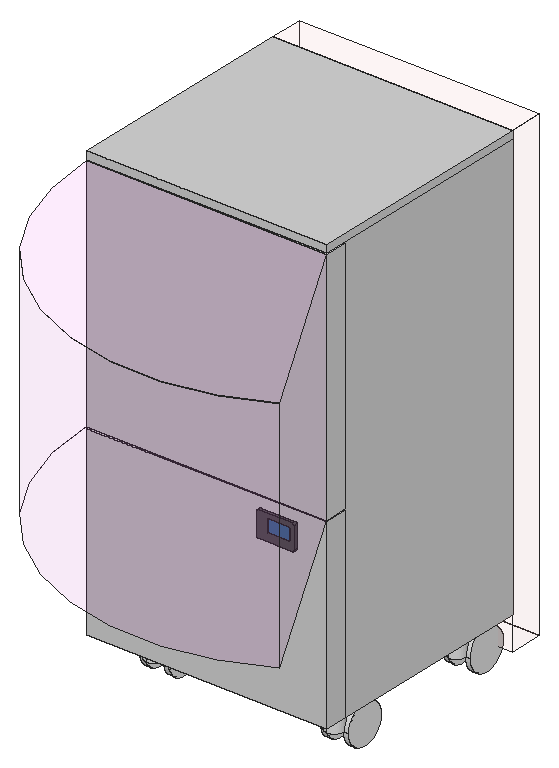
Revit family "Normann_ENTRY_ETR10A-R290", category Attrezzature speciali, Revit 2021 (continued)
Definition of nested family "Griglia_Entry_Large"
  Lines and regions (mm)
    model lines, detail levels medium+fine
      curve 2205: line (270.258, -289.322, 0) -> (270.258, -259.322, 0)
      curve 2206: line (276.258, -289.322, 0) -> (270.258, -289.322, 0)
      curve 2207: line (276.258, -259.322, 0) -> (276.258, -289.322, 0)
      curve 2208: line (270.258, -259.322, 0) -> (276.258, -259.322, 0)
      curve 2209: line (270.258, -322.402, 0) -> (270.258, -292.402, 0)
      curve 2210: line (276.258, -322.402, 0) -> (270.258, -322.402, 0)
      curve 2211: line (276.258, -292.402, 0) -> (276.258, -322.402, 0)
      curve 2212: line (270.258, -292.402, 0) -> (276.258, -292.402, 0)
      curve 2213: line (270.258, -355.481, 0) -> (270.258, -325.481, 0)
      curve 2214: line (276.258, -355.481, 0) -> (270.258, -355.481, 0)
      curve 2215: line (276.258, -325.481, 0) -> (276.258, -355.481, 0)
      curve 2216: line (270.258, -325.481, 0) -> (276.258, -325.481, 0)
      curve 2217: line (270.258, -388.561, 0) -> (270.258, -358.561, 0)
      curve 2218: line (276.258, -388.561, 0) -> (270.258, -388.561, 0)
      curve 2219: line (276.258, -358.561, 0) -> (276.258, -388.561, 0)
      curve 2220: line (270.258, -358.561, 0) -> (276.258, -358.561, 0)
      curve 2221: line (270.258, -421.641, 0) -> (270.258, -391.641, 0)
      curve 2222: line (276.258, -421.641, 0) -> (270.258, -421.641, 0)
      curve 2223: line (276.258, -391.641, 0) -> (276.258, -421.641, 0)
      curve 2224: line (270.258, -391.641, 0) -> (276.258, -391.641, 0)
      curve 2225: line (270.258, -454.721, 0) -> (270.258, -424.721, 0)
      curve 2226: line (276.258, -454.721, 0) -> (270.258, -454.721, 0)
      curve 2227: line (276.258, -424.721, 0) -> (276.258, -454.721, 0)
      curve 2228: line (270.258, -424.721, 0) -> (276.258, -424.721, 0)
      curve 2229: line (270.258, -487.801, 0) -> (270.258, -457.801, 0)
      curve 2230: line (276.258, -487.801, 0) -> (270.258, -487.801, 0)
      curve 2231: line (276.258, -457.801, 0) -> (276.258, -487.801, 0)
      curve 2232: line (270.258, -457.801, 0) -> (276.258, -457.801, 0)
      curve 2233: line (278.858, -57.762, 0) -> (278.858, -27.762, 0)
      curve 2234: line (284.858, -57.762, 0) -> (278.858, -57.762, 0)
      curve 2235: line (284.858, -27.762, 0) -> (284.858, -57.762, 0)
      curve 2236: line (278.858, -27.762, 0) -> (284.858, -27.762, 0)
      curve 2237: line (278.858, -90.842, 0) -> (278.858, -60.842, 0)
      curve 2238: line (284.858, -90.842, 0) -> (278.858, -90.842, 0)
      curve 2239: line (284.858, -60.842, 0) -> (284.858, -90.842, 0)
      curve 2240: line (278.858, -60.842, 0) -> (284.858, -60.842, 0)
      curve 2241: line (278.858, -123.922, 0) -> (278.858, -93.922, 0)
      curve 2242: line (284.858, -123.922, 0) -> (278.858, -123.922, 0)
      curve 2243: line (284.858, -93.922, 0) -> (284.858, -123.922, 0)
      curve 2244: line (278.858, -93.922, 0) -> (284.858, -93.922, 0)
      curve 2245: line (278.858, -157.002, 0) -> (278.858, -127.002, 0)
      curve 2246: line (284.858, -157.002, 0) -> (278.858, -157.002, 0)
      curve 2247: line (284.858, -127.002, 0) -> (284.858, -157.002, 0)
      curve 2248: line (278.858, -127.002, 0) -> (284.858, -127.002, 0)
      curve 2249: line (278.858, -190.082, 0) -> (278.858, -160.082, 0)
      curve 2250: line (284.858, -190.082, 0) -> (278.858, -190.082, 0)
      curve 2251: line (284.858, -160.082, 0) -> (284.858, -190.082, 0)
      curve 2252: line (278.858, -160.082, 0) -> (284.858, -160.082, 0)
      curve 2253: line (278.858, -223.162, 0) -> (278.858, -193.162, 0)
      curve 2254: line (284.858, -223.162, 0) -> (278.858, -223.162, 0)
      curve 2255: line (284.858, -193.162, 0) -> (284.858, -223.162, 0)
      curve 2256: line (278.858, -193.162, 0) -> (284.858, -193.162, 0)
      curve 2257: line (278.858, -256.242, 0) -> (278.858, -226.242, 0)
      curve 2258: line (284.858, -256.242, 0) -> (278.858, -256.242, 0)
      curve 2259: line (284.858, -226.242, 0) -> (284.858, -256.242, 0)
      curve 2260: line (278.858, -226.242, 0) -> (284.858, -226.242, 0)
      curve 2261: line (278.858, -289.322, 0) -> (278.858, -259.322, 0)
      curve 2262: line (284.858, -289.322, 0) -> (278.858, -289.322, 0)
      curve 2263: line (284.858, -259.322, 0) -> (284.858, -289.322, 0)
      curve 2264: line (278.858, -259.322, 0) -> (284.858, -259.322, 0)
      curve 2265: line (278.858, -322.402, 0) -> (278.858, -292.402, 0)
      curve 2266: line (284.858, -322.402, 0) -> (278.858, -322.402, 0)
      curve 2267: line (284.858, -292.402, 0) -> (284.858, -322.402, 0)
      curve 2268: line (278.858, -292.402, 0) -> (284.858, -292.402, 0)
      curve 2269: line (278.858, -355.481, 0) -> (278.858, -325.481, 0)
      curve 2270: line (284.858, -355.481, 0) -> (278.858, -355.481, 0)
      curve 2271: line (284.858, -325.481, 0) -> (284.858, -355.481, 0)
      curve 2272: line (278.858, -325.481, 0) -> (284.858, -325.481, 0)
      curve 2273: line (278.858, -388.561, 0) -> (278.858, -358.561, 0)
      curve 2274: line (284.858, -388.561, 0) -> (278.858, -388.561, 0)
      curve 2275: line (284.858, -358.561, 0) -> (284.858, -388.561, 0)
      curve 2276: line (278.858, -358.561, 0) -> (284.858, -358.561, 0)
      curve 2277: line (278.858, -421.641, 0) -> (278.858, -391.641, 0)
      curve 2278: line (284.858, -421.641, 0) -> (278.858, -421.641, 0)
      curve 2279: line (284.858, -391.641, 0) -> (284.858, -421.641, 0)
      curve 2280: line (278.858, -391.641, 0) -> (284.858, -391.641, 0)
      curve 2281: line (278.858, -454.721, 0) -> (278.858, -424.721, 0)
      curve 2282: line (284.858, -454.721, 0) -> (278.858, -454.721, 0)
      curve 2283: line (284.858, -424.721, 0) -> (284.858, -454.721, 0)
      curve 2284: line (278.858, -424.721, 0) -> (284.858, -424.721, 0)
      curve 2285: line (278.858, -487.801, 0) -> (278.858, -457.801, 0)
      curve 2286: line (284.858, -487.801, 0) -> (278.858, -487.801, 0)
      curve 2287: line (284.858, -457.801, 0) -> (284.858, -487.801, 0)
      curve 2288: line (278.858, -457.801, 0) -> (284.858, -457.801, 0)
      curve 2289: line (287.458, -57.762, 0) -> (287.458, -27.762, 0)
      curve 2290: line (293.458, -57.762, 0) -> (287.458, -57.762, 0)
      curve 2291: line (293.458, -27.762, 0) -> (293.458, -57.762, 0)
      curve 2292: line (287.458, -27.762, 0) -> (293.458, -27.762, 0)
      curve 2293: line (287.458, -90.842, 0) -> (287.458, -60.842, 0)
      curve 2294: line (293.458, -90.842, 0) -> (287.458, -90.842, 0)
      curve 2295: line (293.458, -60.842, 0) -> (293.458, -90.842, 0)
      curve 2296: line (287.458, -60.842, 0) -> (293.458, -60.842, 0)
      curve 2297: line (287.458, -123.922, 0) -> (287.458, -93.922, 0)
      curve 2298: line (293.458, -123.922, 0) -> (287.458, -123.922, 0)
      curve 2299: line (293.458, -93.922, 0) -> (293.458, -123.922, 0)
      curve 2300: line (287.458, -93.922, 0) -> (293.458, -93.922, 0)
      curve 2301: line (287.458, -157.002, 0) -> (287.458, -127.002, 0)
      curve 2302: line (293.458, -157.002, 0) -> (287.458, -157.002, 0)
      curve 2303: line (293.458, -127.002, 0) -> (293.458, -157.002, 0)
      curve 2304: line (287.458, -127.002, 0) -> (293.458, -127.002, 0)
      curve 2305: line (287.458, -190.082, 0) -> (287.458, -160.082, 0)
      curve 2306: line (293.458, -190.082, 0) -> (287.458, -190.082, 0)
      curve 2307: line (293.458, -160.082, 0) -> (293.458, -190.082, 0)
      curve 2308: line (287.458, -160.082, 0) -> (293.458, -160.082, 0)
      curve 2309: line (287.458, -223.162, 0) -> (287.458, -193.162, 0)
      curve 2310: line (293.458, -223.162, 0) -> (287.458, -223.162, 0)
      curve 2311: line (293.458, -193.162, 0) -> (293.458, -223.162, 0)
      curve 2312: line (287.458, -193.162, 0) -> (293.458, -193.162, 0)
      curve 2313: line (287.458, -256.242, 0) -> (287.458, -226.242, 0)
      curve 2314: line (293.458, -256.242, 0) -> (287.458, -256.242, 0)
      curve 2315: line (293.458, -226.242, 0) -> (293.458, -256.242, 0)
      curve 2316: line (287.458, -226.242, 0) -> (293.458, -226.242, 0)
      curve 2317: line (287.458, -289.322, 0) -> (287.458, -259.322, 0)
      curve 2318: line (293.458, -289.322, 0) -> (287.458, -289.322, 0)
      curve 2319: line (293.458, -259.322, 0) -> (293.458, -289.322, 0)
      curve 2320: line (287.458, -259.322, 0) -> (293.458, -259.322, 0)
      curve 2321: line (287.458, -322.402, 0) -> (287.458, -292.402, 0)
      curve 2322: line (293.458, -322.402, 0) -> (287.458, -322.402, 0)
      curve 2323: line (293.458, -292.402, 0) -> (293.458, -322.402, 0)
      curve 2324: line (287.458, -292.402, 0) -> (293.458, -292.402, 0)
      curve 2325: line (287.458, -355.481, 0) -> (287.458, -325.481, 0)
      curve 2326: line (293.458, -355.481, 0) -> (287.458, -355.481, 0)
      curve 2327: line (293.458, -325.481, 0) -> (293.458, -355.481, 0)
      curve 2328: line (287.458, -325.481, 0) -> (293.458, -325.481, 0)
      curve 2329: line (287.458, -388.561, 0) -> (287.458, -358.561, 0)
      curve 2330: line (293.458, -388.561, 0) -> (287.458, -388.561, 0)
      curve 2331: line (293.458, -358.561, 0) -> (293.458, -388.561, 0)
      curve 2332: line (287.458, -358.561, 0) -> (293.458, -358.561, 0)
      curve 2333: line (287.458, -421.641, 0) -> (287.458, -391.641, 0)
      curve 2334: line (293.458, -421.641, 0) -> (287.458, -421.641, 0)
      curve 2335: line (293.458, -391.641, 0) -> (293.458, -421.641, 0)
      curve 2336: line (287.458, -391.641, 0) -> (293.458, -391.641, 0)
      curve 2337: line (287.458, -454.721, 0) -> (287.458, -424.721, 0)
      curve 2338: line (293.458, -454.721, 0) -> (287.458, -454.721, 0)
      curve 2339: line (293.458, -424.721, 0) -> (293.458, -454.721, 0)
      curve 2340: line (287.458, -424.721, 0) -> (293.458, -424.721, 0)
      curve 2341: line (287.458, -487.801, 0) -> (287.458, -457.801, 0)
      curve 2342: line (293.458, -487.801, 0) -> (287.458, -487.801, 0)
      curve 2343: line (293.458, -457.801, 0) -> (293.458, -487.801, 0)
      curve 2344: line (287.458, -457.801, 0) -> (293.458, -457.801, 0)
      curve 2345: line (296.058, -57.762, 0) -> (296.058, -27.762, 0)
      curve 2346: line (302.058, -57.762, 0) -> (296.058, -57.762, 0)
      curve 2347: line (302.058, -27.762, 0) -> (302.058, -57.762, 0)
      curve 2348: line (296.058, -27.762, 0) -> (302.058, -27.762, 0)
      curve 2349: line (296.058, -90.842, 0) -> (296.058, -60.842, 0)
      curve 2350: line (302.058, -90.842, 0) -> (296.058, -90.842, 0)
      curve 2351: line (302.058, -60.842, 0) -> (302.058, -90.842, 0)
      curve 2352: line (296.058, -60.842, 0) -> (302.058, -60.842, 0)
      curve 2353: line (296.058, -123.922, 0) -> (296.058, -93.922, 0)
      curve 2354: line (302.058, -123.922, 0) -> (296.058, -123.922, 0)
      curve 2355: line (302.058, -93.922, 0) -> (302.058, -123.922, 0)
      curve 2356: line (296.058, -93.922, 0) -> (302.058, -93.922, 0)
      curve 2357: line (296.058, -157.002, 0) -> (296.058, -127.002, 0)
      curve 2358: line (302.058, -157.002, 0) -> (296.058, -157.002, 0)
      curve 2359: line (302.058, -127.002, 0) -> (302.058, -157.002, 0)
      curve 2360: line (296.058, -127.002, 0) -> (302.058, -127.002, 0)
      curve 2361: line (296.058, -190.082, 0) -> (296.058, -160.082, 0)
      curve 2362: line (302.058, -190.082, 0) -> (296.058, -190.082, 0)
      curve 2363: line (302.058, -160.082, 0) -> (302.058, -190.082, 0)
      curve 2364: line (296.058, -160.082, 0) -> (302.058, -160.082, 0)
      curve 2365: line (296.058, -223.162, 0) -> (296.058, -193.162, 0)
      curve 2366: line (302.058, -223.162, 0) -> (296.058, -223.162, 0)
      curve 2367: line (302.058, -193.162, 0) -> (302.058, -223.162, 0)
      curve 2368: line (296.058, -193.162, 0) -> (302.058, -193.162, 0)
      curve 2369: line (296.058, -256.242, 0) -> (296.058, -226.242, 0)
      curve 2370: line (302.058, -256.242, 0) -> (296.058, -256.242, 0)
      curve 2371: line (302.058, -226.242, 0) -> (302.058, -256.242, 0)
      curve 2372: line (296.058, -226.242, 0) -> (302.058, -226.242, 0)
      curve 2373: line (296.058, -289.322, 0) -> (296.058, -259.322, 0)
      curve 2374: line (302.058, -289.322, 0) -> (296.058, -289.322, 0)
      curve 2375: line (302.058, -259.322, 0) -> (302.058, -289.322, 0)
      curve 2376: line (296.058, -259.322, 0) -> (302.058, -259.322, 0)
      curve 2377: line (296.058, -322.402, 0) -> (296.058, -292.402, 0)
      curve 2378: line (302.058, -322.402, 0) -> (296.058, -322.402, 0)
      curve 2379: line (302.058, -292.402, 0) -> (302.058, -322.402, 0)
      curve 2380: line (296.058, -292.402, 0) -> (302.058, -292.402, 0)
      curve 2381: line (296.058, -355.481, 0) -> (296.058, -325.481, 0)
      curve 2382: line (302.058, -355.481, 0) -> (296.058, -355.481, 0)
      curve 2383: line (302.058, -325.481, 0) -> (302.058, -355.481, 0)
      curve 2384: line (296.058, -325.481, 0) -> (302.058, -325.481, 0)
      curve 2385: line (296.058, -388.561, 0) -> (296.058, -358.561, 0)
      curve 2386: line (302.058, -388.561, 0) -> (296.058, -388.561, 0)
      curve 2387: line (302.058, -358.561, 0) -> (302.058, -388.561, 0)
      curve 2388: line (296.058, -358.561, 0) -> (302.058, -358.561, 0)
      curve 2389: line (296.058, -421.641, 0) -> (296.058, -391.641, 0)
      curve 2390: line (302.058, -421.641, 0) -> (296.058, -421.641, 0)
      curve 2391: line (302.058, -391.641, 0) -> (302.058, -421.641, 0)
      curve 2392: line (296.058, -391.641, 0) -> (302.058, -391.641, 0)
      curve 2393: line (296.058, -454.721, 0) -> (296.058, -424.721, 0)
      curve 2394: line (302.058, -454.721, 0) -> (296.058, -454.721, 0)
      curve 2395: line (302.058, -424.721, 0) -> (302.058, -454.721, 0)
      curve 2396: line (296.058, -424.721, 0) -> (302.058, -424.721, 0)
      curve 2397: line (296.058, -487.801, 0) -> (296.058, -457.801, 0)
      curve 2398: line (302.058, -487.801, 0) -> (296.058, -487.801, 0)
      curve 2399: line (302.058, -457.801, 0) -> (302.058, -487.801, 0)
      curve 2400: line (296.058, -457.801, 0) -> (302.058, -457.801, 0)
      curve 2401: line (337.283, -57.762, 0) -> (337.283, -27.762, 0)
      curve 2402: line (343.283, -57.762, 0) -> (337.283, -57.762, 0)
      curve 2403: line (343.283, -27.762, 0) -> (343.283, -57.762, 0)
      curve 2404: line (337.283, -27.762, 0) -> (343.283, -27.762, 0)
      curve 2405: line (337.283, -90.842, 0) -> (337.283, -60.842, 0)
      curve 2406: line (343.283, -90.842, 0) -> (337.283, -90.842, 0)
      curve 2407: line (343.283, -60.842, 0) -> (343.283, -90.842, 0)
      curve 2408: line (337.283, -60.842, 0) -> (343.283, -60.842, 0)
      curve 2409: line (337.283, -123.922, 0) -> (337.283, -93.922, 0)
      curve 2410: line (343.283, -123.922, 0) -> (337.283, -123.922, 0)
      curve 2411: line (343.283, -93.922, 0) -> (343.283, -123.922, 0)
      curve 2412: line (337.283, -93.922, 0) -> (343.283, -93.922, 0)
      curve 2413: line (337.283, -157.002, 0) -> (337.283, -127.002, 0)
      curve 2414: line (343.283, -157.002, 0) -> (337.283, -157.002, 0)
      curve 2415: line (343.283, -127.002, 0) -> (343.283, -157.002, 0)
      curve 2416: line (337.283, -127.002, 0) -> (343.283, -127.002, 0)
      curve 2417: line (337.283, -190.082, 0) -> (337.283, -160.082, 0)
      curve 2418: line (343.283, -190.082, 0) -> (337.283, -190.082, 0)
      curve 2419: line (343.283, -160.082, 0) -> (343.283, -190.082, 0)
      curve 2420: line (337.283, -160.082, 0) -> (343.283, -160.082, 0)
      curve 2421: line (337.283, -223.162, 0) -> (337.283, -193.162, 0)
      curve 2422: line (343.283, -223.162, 0) -> (337.283, -223.162, 0)
      curve 2423: line (343.283, -193.162, 0) -> (343.283, -223.162, 0)
      curve 2424: line (337.283, -193.162, 0) -> (343.283, -193.162, 0)
      curve 2425: line (337.283, -256.242, 0) -> (337.283, -226.242, 0)
      curve 2426: line (343.283, -256.242, 0) -> (337.283, -256.242, 0)
      curve 2427: line (343.283, -226.242, 0) -> (343.283, -256.242, 0)
      curve 2428: line (337.283, -226.242, 0) -> (343.283, -226.242, 0)
      curve 2429: line (337.283, -289.322, 0) -> (337.283, -259.322, 0)
      curve 2430: line (343.283, -289.322, 0) -> (337.283, -289.322, 0)
      curve 2431: line (343.283, -259.322, 0) -> (343.283, -289.322, 0)
      curve 2432: line (337.283, -259.322, 0) -> (343.283, -259.322, 0)
      curve 2433: line (337.283, -322.402, 0) -> (337.283, -292.402, 0)
      curve 2434: line (343.283, -322.402, 0) -> (337.283, -322.402, 0)
      curve 2435: line (343.283, -292.402, 0) -> (343.283, -322.402, 0)
      curve 2436: line (337.283, -292.402, 0) -> (343.283, -292.402, 0)
      curve 2437: line (337.283, -355.481, 0) -> (337.283, -325.481, 0)
      curve 2438: line (343.283, -355.481, 0) -> (337.283, -355.481, 0)
      curve 2439: line (343.283, -325.481, 0) -> (343.283, -355.481, 0)
      curve 2440: line (337.283, -325.481, 0) -> (343.283, -325.481, 0)
      curve 2441: line (337.283, -388.561, 0) -> (337.283, -358.561, 0)
      curve 2442: line (343.283, -388.561, 0) -> (337.283, -388.561, 0)
      curve 2443: line (343.283, -358.561, 0) -> (343.283, -388.561, 0)
      curve 2444: line (337.283, -358.561, 0) -> (343.283, -358.561, 0)
      curve 2445: line (337.283, -421.641, 0) -> (337.283, -391.641, 0)
      curve 2446: line (343.283, -421.641, 0) -> (337.283, -421.641, 0)
      curve 2447: line (343.283, -391.641, 0) -> (343.283, -421.641, 0)
      curve 2448: line (337.283, -391.641, 0) -> (343.283, -391.641, 0)
      curve 2449: line (337.283, -454.721, 0) -> (337.283, -424.721, 0)
      curve 2450: line (343.283, -454.721, 0) -> (337.283, -454.721, 0)
      curve 2451: line (343.283, -424.721, 0) -> (343.283, -454.721, 0)
      curve 2452: line (337.283, -424.721, 0) -> (343.283, -424.721, 0)
      curve 2453: line (337.283, -487.801, 0) -> (337.283, -457.801, 0)
      curve 2454: line (343.283, -487.801, 0) -> (337.283, -487.801, 0)
      curve 2455: line (343.283, -457.801, 0) -> (343.283, -487.801, 0)
      curve 2456: line (337.283, -457.801, 0) -> (343.283, -457.801, 0)
      curve 2457: line (345.883, -57.762, 0) -> (345.883, -27.762, 0)
      curve 2458: line (351.883, -57.762, 0) -> (345.883, -57.762, 0)
      curve 2459: line (351.883, -27.762, 0) -> (351.883, -57.762, 0)
      curve 2460: line (345.883, -27.762, 0) -> (351.883, -27.762, 0)
      curve 2461: line (345.883, -90.842, 0) -> (345.883, -60.842, 0)
      curve 2462: line (351.883, -90.842, 0) -> (345.883, -90.842, 0)
      curve 2463: line (351.883, -60.842, 0) -> (351.883, -90.842, 0)
      curve 2464: line (345.883, -60.842, 0) -> (351.883, -60.842, 0)
      curve 2465: line (345.883, -123.922, 0) -> (345.883, -93.922, 0)
      curve 2466: line (351.883, -123.922, 0) -> (345.883, -123.922, 0)
      curve 2467: line (351.883, -93.922, 0) -> (351.883, -123.922, 0)
      curve 2468: line (345.883, -93.922, 0) -> (351.883, -93.922, 0)
      curve 2469: line (345.883, -157.002, 0) -> (345.883, -127.002, 0)
      curve 2470: line (351.883, -157.002, 0) -> (345.883, -157.002, 0)
      curve 2471: line (351.883, -127.002, 0) -> (351.883, -157.002, 0)
      curve 2472: line (345.883, -127.002, 0) -> (351.883, -127.002, 0)
      curve 2473: line (345.883, -190.082, 0) -> (345.883, -160.082, 0)
      curve 2474: line (351.883, -190.082, 0) -> (345.883, -190.082, 0)
      curve 2475: line (351.883, -160.082, 0) -> (351.883, -190.082, 0)
      curve 2476: line (345.883, -160.082, 0) -> (351.883, -160.082, 0)
      curve 2477: line (345.883, -223.162, 0) -> (345.883, -193.162, 0)
      curve 2478: line (351.883, -223.162, 0) -> (345.883, -223.162, 0)
      curve 2479: line (351.883, -193.162, 0) -> (351.883, -223.162, 0)
      curve 2480: line (345.883, -193.162, 0) -> (351.883, -193.162, 0)
      curve 2481: line (345.883, -256.242, 0) -> (345.883, -226.242, 0)
      curve 2482: line (351.883, -256.242, 0) -> (345.883, -256.242, 0)
      curve 2483: line (351.883, -226.242, 0) -> (351.883, -256.242, 0)
      curve 2484: line (345.883, -226.242, 0) -> (351.883, -226.242, 0)
      curve 2485: line (345.883, -289.322, 0) -> (345.883, -259.322, 0)
      curve 2486: line (351.883, -289.322, 0) -> (345.883, -289.322, 0)
      curve 2487: line (351.883, -259.322, 0) -> (351.883, -289.322, 0)
      curve 2488: line (345.883, -259.322, 0) -> (351.883, -259.322, 0)
      curve 2489: line (345.883, -322.402, 0) -> (345.883, -292.402, 0)
      curve 2490: line (351.883, -322.402, 0) -> (345.883, -322.402, 0)
      curve 2491: line (351.883, -292.402, 0) -> (351.883, -322.402, 0)
      curve 2492: line (345.883, -292.402, 0) -> (351.883, -292.402, 0)
      curve 2493: line (345.883, -355.481, 0) -> (345.883, -325.481, 0)
      curve 2494: line (351.883, -355.481, 0) -> (345.883, -355.481, 0)
      curve 2495: line (351.883, -325.481, 0) -> (351.883, -355.481, 0)
      curve 2496: line (345.883, -325.481, 0) -> (351.883, -325.481, 0)
      curve 2497: line (345.883, -388.561, 0) -> (345.883, -358.561, 0)
      curve 2498: line (351.883, -388.561, 0) -> (345.883, -388.561, 0)
      curve 2499: line (351.883, -358.561, 0) -> (351.883, -388.561, 0)
      curve 2500: line (345.883, -358.561, 0) -> (351.883, -358.561, 0)
      curve 2501: line (345.883, -421.641, 0) -> (345.883, -391.641, 0)
      curve 2502: line (351.883, -421.641, 0) -> (345.883, -421.641, 0)
      curve 2503: line (351.883, -391.641, 0) -> (351.883, -421.641, 0)
      curve 2504: line (345.883, -391.641, 0) -> (351.883, -391.641, 0)
      curve 2505: line (345.883, -454.721, 0) -> (345.883, -424.721, 0)
      curve 2506: line (351.883, -454.721, 0) -> (345.883, -454.721, 0)
      curve 2507: line (351.883, -424.721, 0) -> (351.883, -454.721, 0)
      curve 2508: line (345.883, -424.721, 0) -> (351.883, -424.721, 0)
      curve 2509: line (345.883, -487.801, 0) -> (345.883, -457.801, 0)
      curve 2510: line (351.883, -487.801, 0) -> (345.883, -487.801, 0)
      curve 2511: line (351.883, -457.801, 0) -> (351.883, -487.801, 0)
      curve 2512: line (345.883, -457.801, 0) -> (351.883, -457.801, 0)
      curve 2513: line (354.483, -57.762, 0) -> (354.483, -27.762, 0)
      curve 2514: line (360.483, -57.762, 0) -> (354.483, -57.762, 0)
      curve 2515: line (360.483, -27.762, 0) -> (360.483, -57.762, 0)
      curve 2516: line (354.483, -27.762, 0) -> (360.483, -27.762, 0)
      curve 2517: line (354.483, -90.842, 0) -> (354.483, -60.842, 0)
      curve 2518: line (360.483, -90.842, 0) -> (354.483, -90.842, 0)
      curve 2519: line (360.483, -60.842, 0) -> (360.483, -90.842, 0)
      curve 2520: line (354.483, -60.842, 0) -> (360.483, -60.842, 0)
      curve 2521: line (354.483, -123.922, 0) -> (354.483, -93.922, 0)
      curve 2522: line (360.483, -123.922, 0) -> (354.483, -123.922, 0)
      curve 2523: line (360.483, -93.922, 0) -> (360.483, -123.922, 0)
      curve 2524: line (354.483, -93.922, 0) -> (360.483, -93.922, 0)
      curve 2525: line (354.483, -157.002, 0) -> (354.483, -127.002, 0)
      curve 2526: line (360.483, -157.002, 0) -> (354.483, -157.002, 0)
      curve 2527: line (360.483, -127.002, 0) -> (360.483, -157.002, 0)
      curve 2528: line (354.483, -127.002, 0) -> (360.483, -127.002, 0)
      curve 2529: line (354.483, -190.082, 0) -> (354.483, -160.082, 0)
      curve 2530: line (360.483, -190.082, 0) -> (354.483, -190.082, 0)
      curve 2531: line (360.483, -160.082, 0) -> (360.483, -190.082, 0)
      curve 2532: line (354.483, -160.082, 0) -> (360.483, -160.082, 0)
      curve 2533: line (354.483, -223.162, 0) -> (354.483, -193.162, 0)
      curve 2534: line (360.483, -223.162, 0) -> (354.483, -223.162, 0)
      curve 2535: line (360.483, -193.162, 0) -> (360.483, -223.162, 0)
      curve 2536: line (354.483, -193.162, 0) -> (360.483, -193.162, 0)
      curve 2537: line (354.483, -256.242, 0) -> (354.483, -226.242, 0)
      curve 2538: line (360.483, -256.242, 0) -> (354.483, -256.242, 0)
      curve 2539: line (360.483, -226.242, 0) -> (360.483, -256.242, 0)
      curve 2540: line (354.483, -226.242, 0) -> (360.483, -226.242, 0)
      curve 2541: line (354.483, -289.322, 0) -> (354.483, -259.322, 0)
      curve 2542: line (360.483, -289.322, 0) -> (354.483, -289.322, 0)
      curve 2543: line (360.483, -259.322, 0) -> (360.483, -289.322, 0)
      curve 2544: line (354.483, -259.322, 0) -> (360.483, -259.322, 0)
      curve 2545: line (354.483, -322.402, 0) -> (354.483, -292.402, 0)
      curve 2546: line (360.483, -322.402, 0) -> (354.483, -322.402, 0)
      curve 2547: line (360.483, -292.402, 0) -> (360.483, -322.402, 0)
      curve 2548: line (354.483, -292.402, 0) -> (360.483, -292.402, 0)
      curve 2549: line (354.483, -355.481, 0) -> (354.483, -325.481, 0)
      curve 2550: line (360.483, -355.481, 0) -> (354.483, -355.481, 0)
      curve 2551: line (360.483, -325.481, 0) -> (360.483, -355.481, 0)
      curve 2552: line (354.483, -325.481, 0) -> (360.483, -325.481, 0)
      curve 2553: line (354.483, -388.561, 0) -> (354.483, -358.561, 0)
      curve 2554: line (360.483, -388.561, 0) -> (354.483, -388.561, 0)
      curve 2555: line (360.483, -358.561, 0) -> (360.483, -388.561, 0)
      curve 2556: line (354.483, -358.561, 0) -> (360.483, -358.561, 0)
      curve 2557: line (354.483, -421.641, 0) -> (354.483, -391.641, 0)
      curve 2558: line (360.483, -421.641, 0) -> (354.483, -421.641, 0)
      curve 2559: line (360.483, -391.641, 0) -> (360.483, -421.641, 0)
      curve 2560: line (354.483, -391.641, 0) -> (360.483, -391.641, 0)
      curve 2561: line (354.483, -454.721, 0) -> (354.483, -424.721, 0)
      curve 2562: line (360.483, -454.721, 0) -> (354.483, -454.721, 0)
      curve 2563: line (360.483, -424.721, 0) -> (360.483, -454.721, 0)
      curve 2564: line (354.483, -424.721, 0) -> (360.483, -424.721, 0)
      curve 2565: line (354.483, -487.801, 0) -> (354.483, -457.801, 0)
      curve 2566: line (360.483, -487.801, 0) -> (354.483, -487.801, 0)
      curve 2567: line (360.483, -457.801, 0) -> (360.483, -487.801, 0)
      curve 2568: line (354.483, -457.801, 0) -> (360.483, -457.801, 0)
      curve 2569: line (363.083, -57.762, 0) -> (363.083, -27.762, 0)
      curve 2570: line (369.083, -57.762, 0) -> (363.083, -57.762, 0)
      curve 2571: line (369.083, -27.762, 0) -> (369.083, -57.762, 0)
      curve 2572: line (363.083, -27.762, 0) -> (369.083, -27.762, 0)
      curve 2573: line (363.083, -90.842, 0) -> (363.083, -60.842, 0)
      curve 2574: line (369.083, -90.842, 0) -> (363.083, -90.842, 0)
      curve 2575: line (369.083, -60.842, 0) -> (369.083, -90.842, 0)
      curve 2576: line (363.083, -60.842, 0) -> (369.083, -60.842, 0)
      curve 2577: line (363.083, -123.922, 0) -> (363.083, -93.922, 0)
      curve 2578: line (369.083, -123.922, 0) -> (363.083, -123.922, 0)
      curve 2579: line (369.083, -93.922, 0) -> (369.083, -123.922, 0)
      curve 2580: line (363.083, -93.922, 0) -> (369.083, -93.922, 0)
      curve 2581: line (363.083, -157.002, 0) -> (363.083, -127.002, 0)
      curve 2582: line (369.083, -157.002, 0) -> (363.083, -157.002, 0)
      curve 2583: line (369.083, -127.002, 0) -> (369.083, -157.002, 0)
      curve 2584: line (363.083, -127.002, 0) -> (369.083, -127.002, 0)
      curve 2585: line (363.083, -190.082, 0) -> (363.083, -160.082, 0)
      curve 2586: line (369.083, -190.082, 0) -> (363.083, -190.082, 0)
      curve 2587: line (369.083, -160.082, 0) -> (369.083, -190.082, 0)
      curve 2588: line (363.083, -160.082, 0) -> (369.083, -160.082, 0)
      curve 2589: line (363.083, -223.162, 0) -> (363.083, -193.162, 0)
      curve 2590: line (369.083, -223.162, 0) -> (363.083, -223.162, 0)
      curve 2591: line (369.083, -193.162, 0) -> (369.083, -223.162, 0)
      curve 2592: line (363.083, -193.162, 0) -> (369.083, -193.162, 0)
      curve 2593: line (363.083, -256.242, 0) -> (363.083, -226.242, 0)
      curve 2594: line (369.083, -256.242, 0) -> (363.083, -256.242, 0)
      curve 2595: line (369.083, -226.242, 0) -> (369.083, -256.242, 0)
      curve 2596: line (363.083, -226.242, 0) -> (369.083, -226.242, 0)
      curve 2597: line (363.083, -289.322, 0) -> (363.083, -259.322, 0)
      curve 2598: line (369.083, -289.322, 0) -> (363.083, -289.322, 0)
      curve 2599: line (369.083, -259.322, 0) -> (369.083, -289.322, 0)
      curve 2600: line (363.083, -259.322, 0) -> (369.083, -259.322, 0)
      curve 2601: line (363.083, -322.402, 0) -> (363.083, -292.402, 0)
      curve 2602: line (369.083, -322.402, 0) -> (363.083, -322.402, 0)
      curve 2603: line (369.083, -292.402, 0) -> (369.083, -322.402, 0)
      curve 2604: line (363.083, -292.402, 0) -> (369.083, -292.402, 0)
      curve 2605: line (363.083, -355.481, 0) -> (363.083, -325.481, 0)
      curve 2606: line (369.083, -355.481, 0) -> (363.083, -355.481, 0)
      curve 2607: line (369.083, -325.481, 0) -> (369.083, -355.481, 0)
      curve 2608: line (363.083, -325.481, 0) -> (369.083, -325.481, 0)
      curve 2609: line (363.083, -388.561, 0) -> (363.083, -358.561, 0)
      curve 2610: line (369.083, -388.561, 0) -> (363.083, -388.561, 0)
      curve 2611: line (369.083, -358.561, 0) -> (369.083, -388.561, 0)
      curve 2612: line (363.083, -358.561, 0) -> (369.083, -358.561, 0)
      curve 2613: line (363.083, -421.641, 0) -> (363.083, -391.641, 0)
      curve 2614: line (369.083, -421.641, 0) -> (363.083, -421.641, 0)
      curve 2615: line (369.083, -391.641, 0) -> (369.083, -421.641, 0)
      curve 2616: line (363.083, -391.641, 0) -> (369.083, -391.641, 0)
      curve 2617: line (363.083, -454.721, 0) -> (363.083, -424.721, 0)
      curve 2618: line (369.083, -454.721, 0) -> (363.083, -454.721, 0)
      curve 2619: line (369.083, -424.721, 0) -> (369.083, -454.721, 0)
      curve 2620: line (363.083, -424.721, 0) -> (369.083, -424.721, 0)
      curve 2621: line (363.083, -487.801, 0) -> (363.083, -457.801, 0)
      curve 2622: line (369.083, -487.801, 0) -> (363.083, -487.801, 0)
      curve 2623: line (369.083, -457.801, 0) -> (369.083, -487.801, 0)
      curve 2624: line (363.083, -457.801, 0) -> (369.083, -457.801, 0)
      curve 2625: line (371.683, -57.762, 0) -> (371.683, -27.762, 0)
      curve 2626: line (377.683, -57.762, 0) -> (371.683, -57.762, 0)
      curve 2627: line (377.683, -27.762, 0) -> (377.683, -57.762, 0)
      curve 2628: line (371.683, -27.762, 0) -> (377.683, -27.762, 0)
      curve 2629: line (371.683, -90.842, 0) -> (371.683, -60.842, 0)
      curve 2630: line (377.683, -90.842, 0) -> (371.683, -90.842, 0)
      curve 2631: line (377.683, -60.842, 0) -> (377.683, -90.842, 0)
      curve 2632: line (371.683, -60.842, 0) -> (377.683, -60.842, 0)
      curve 2633: line (371.683, -123.922, 0) -> (371.683, -93.922, 0)
      curve 2634: line (377.683, -123.922, 0) -> (371.683, -123.922, 0)
      curve 2635: line (377.683, -93.922, 0) -> (377.683, -123.922, 0)
      curve 2636: line (371.683, -93.922, 0) -> (377.683, -93.922, 0)
      curve 2637: line (371.683, -157.002, 0) -> (371.683, -127.002, 0)
      curve 2638: line (377.683, -157.002, 0) -> (371.683, -157.002, 0)
      curve 2639: line (377.683, -127.002, 0) -> (377.683, -157.002, 0)
      curve 2640: line (371.683, -127.002, 0) -> (377.683, -127.002, 0)
      curve 2641: line (371.683, -190.082, 0) -> (371.683, -160.082, 0)
      curve 2642: line (377.683, -190.082, 0) -> (371.683, -190.082, 0)
      curve 2643: line (377.683, -160.082, 0) -> (377.683, -190.082, 0)
      curve 2644: line (371.683, -160.082, 0) -> (377.683, -160.082, 0)
      curve 2645: line (371.683, -223.162, 0) -> (371.683, -193.162, 0)
      curve 2646: line (377.683, -223.162, 0) -> (371.683, -223.162, 0)
      curve 2647: line (377.683, -193.162, 0) -> (377.683, -223.162, 0)
      curve 2648: line (371.683, -193.162, 0) -> (377.683, -193.162, 0)
      curve 2649: line (371.683, -256.242, 0) -> (371.683, -226.242, 0)
      curve 2650: line (377.683, -256.242, 0) -> (371.683, -256.242, 0)
      curve 2651: line (377.683, -226.242, 0) -> (377.683, -256.242, 0)
      curve 2652: line (371.683, -226.242, 0) -> (377.683, -226.242, 0)
      curve 2653: line (371.683, -289.322, 0) -> (371.683, -259.322, 0)
      curve 2654: line (377.683, -289.322, 0) -> (371.683, -289.322, 0)
      curve 2655: line (377.683, -259.322, 0) -> (377.683, -289.322, 0)
      curve 2656: line (371.683, -259.322, 0) -> (377.683, -259.322, 0)
      curve 2657: line (371.683, -322.402, 0) -> (371.683, -292.402, 0)
      curve 2658: line (377.683, -322.402, 0) -> (371.683, -322.402, 0)
      curve 2659: line (377.683, -292.402, 0) -> (377.683, -322.402, 0)
      curve 2660: line (371.683, -292.402, 0) -> (377.683, -292.402, 0)
      curve 2661: line (371.683, -355.481, 0) -> (371.683, -325.481, 0)
      curve 2662: line (377.683, -355.481, 0) -> (371.683, -355.481, 0)
      curve 2663: line (377.683, -325.481, 0) -> (377.683, -355.481, 0)
      curve 2664: line (371.683, -325.481, 0) -> (377.683, -325.481, 0)
      curve 2665: line (371.683, -388.561, 0) -> (371.683, -358.561, 0)
      curve 2666: line (377.683, -388.561, 0) -> (371.683, -388.561, 0)
      curve 2667: line (377.683, -358.561, 0) -> (377.683, -388.561, 0)
      curve 2668: line (371.683, -358.561, 0) -> (377.683, -358.561, 0)
      curve 2669: line (371.683, -421.641, 0) -> (371.683, -391.641, 0)
      curve 2670: line (377.683, -421.641, 0) -> (371.683, -421.641, 0)
      curve 2671: line (377.683, -391.641, 0) -> (377.683, -421.641, 0)
      curve 2672: line (371.683, -391.641, 0) -> (377.683, -391.641, 0)
      curve 2673: line (371.683, -454.721, 0) -> (371.683, -424.721, 0)
      curve 2674: line (377.683, -454.721, 0) -> (371.683, -454.721, 0)
      curve 2675: line (377.683, -424.721, 0) -> (377.683, -454.721, 0)
      curve 2676: line (371.683, -424.721, 0) -> (377.683, -424.721, 0)
      curve 2677: line (371.683, -487.801, 0) -> (371.683, -457.801, 0)
      curve 2678: line (377.683, -487.801, 0) -> (371.683, -487.801, 0)
      curve 2679: line (377.683, -457.801, 0) -> (377.683, -487.801, 0)
      curve 2680: line (371.683, -457.801, 0) -> (377.683, -457.801, 0)
      curve 2681: line (412.883, -57.762, 0) -> (412.883, -27.762, 0)
      curve 2682: line (418.883, -57.762, 0) -> (412.883, -57.762, 0)
      curve 2683: line (418.883, -27.762, 0) -> (418.883, -57.762, 0)
      curve 2684: line (412.883, -27.762, 0) -> (418.883, -27.762, 0)
      curve 2685: line (412.883, -90.842, 0) -> (412.883, -60.842, 0)
      curve 2686: line (418.883, -90.842, 0) -> (412.883, -90.842, 0)
      curve 2687: line (418.883, -60.842, 0) -> (418.883, -90.842, 0)
      curve 2688: line (412.883, -60.842, 0) -> (418.883, -60.842, 0)
      curve 2689: line (412.883, -123.922, 0) -> (412.883, -93.922, 0)
      curve 2690: line (418.883, -123.922, 0) -> (412.883, -123.922, 0)
      curve 2691: line (418.883, -93.922, 0) -> (418.883, -123.922, 0)
      curve 2692: line (412.883, -93.922, 0) -> (418.883, -93.922, 0)
      curve 2693: line (412.883, -157.002, 0) -> (412.883, -127.002, 0)
      curve 2694: line (418.883, -157.002, 0) -> (412.883, -157.002, 0)
      curve 2695: line (418.883, -127.002, 0) -> (418.883, -157.002, 0)
      curve 2696: line (412.883, -127.002, 0) -> (418.883, -127.002, 0)
      curve 2697: line (412.883, -190.082, 0) -> (412.883, -160.082, 0)
      curve 2698: line (418.883, -190.082, 0) -> (412.883, -190.082, 0)
      curve 2699: line (418.883, -160.082, 0) -> (418.883, -190.082, 0)
      curve 2700: line (412.883, -160.082, 0) -> (418.883, -160.082, 0)
      curve 2701: line (412.883, -223.162, 0) -> (412.883, -193.162, 0)
      curve 2702: line (418.883, -223.162, 0) -> (412.883, -223.162, 0)
      curve 2703: line (418.883, -193.162, 0) -> (418.883, -223.162, 0)
      curve 2704: line (412.883, -193.162, 0) -> (418.883, -193.162, 0)
      curve 2705: line (412.883, -256.242, 0) -> (412.883, -226.242, 0)
      curve 2706: line (418.883, -256.242, 0) -> (412.883, -256.242, 0)
      curve 2707: line (418.883, -226.242, 0) -> (418.883, -256.242, 0)
      curve 2708: line (412.883, -226.242, 0) -> (418.883, -226.242, 0)
      curve 2709: line (412.883, -289.322, 0) -> (412.883, -259.322, 0)
      curve 2710: line (418.883, -289.322, 0) -> (412.883, -289.322, 0)
      curve 2711: line (418.883, -259.322, 0) -> (418.883, -289.322, 0)
      curve 2712: line (412.883, -259.322, 0) -> (418.883, -259.322, 0)
      curve 2713: line (412.883, -322.402, 0) -> (412.883, -292.402, 0)
      curve 2714: line (418.883, -322.402, 0) -> (412.883, -322.402, 0)
      curve 2715: line (418.883, -292.402, 0) -> (418.883, -322.402, 0)
      curve 2716: line (412.883, -292.402, 0) -> (418.883, -292.402, 0)
      curve 2717: line (412.883, -355.481, 0) -> (412.883, -325.481, 0)
      curve 2718: line (418.883, -355.481, 0) -> (412.883, -355.481, 0)
      curve 2719: line (418.883, -325.481, 0) -> (418.883, -355.481, 0)
      curve 2720: line (412.883, -325.481, 0) -> (418.883, -325.481, 0)
      curve 2721: line (412.883, -388.561, 0) -> (412.883, -358.561, 0)
      curve 2722: line (418.883, -388.561, 0) -> (412.883, -388.561, 0)
      curve 2723: line (418.883, -358.561, 0) -> (418.883, -388.561, 0)
      curve 2724: line (412.883, -358.561, 0) -> (418.883, -358.561, 0)
      curve 2725: line (412.883, -421.641, 0) -> (412.883, -391.641, 0)
      curve 2726: line (418.883, -421.641, 0) -> (412.883, -421.641, 0)
      curve 2727: line (418.883, -391.641, 0) -> (418.883, -421.641, 0)
      curve 2728: line (412.883, -391.641, 0) -> (418.883, -391.641, 0)
      curve 2729: line (412.883, -454.721, 0) -> (412.883, -424.721, 0)
      curve 2730: line (418.883, -454.721, 0) -> (412.883, -454.721, 0)
      curve 2731: line (418.883, -424.721, 0) -> (418.883, -454.721, 0)
      curve 2732: line (412.883, -424.721, 0) -> (418.883, -424.721, 0)
      curve 2733: line (412.883, -487.801, 0) -> (412.883, -457.801, 0)
      curve 2734: line (418.883, -487.801, 0) -> (412.883, -487.801, 0)
      curve 2735: line (418.883, -457.801, 0) -> (418.883, -487.801, 0)
      curve 2736: line (412.883, -457.801, 0) -> (418.883, -457.801, 0)
      curve 2737: line (421.483, -57.762, 0) -> (421.483, -27.762, 0)
      curve 2738: line (427.483, -57.762, 0) -> (421.483, -57.762, 0)
      curve 2739: line (427.483, -27.762, 0) -> (427.483, -57.762, 0)
      curve 2740: line (421.483, -27.762, 0) -> (427.483, -27.762, 0)
      curve 2741: line (421.483, -90.842, 0) -> (421.483, -60.842, 0)
      curve 2742: line (427.483, -90.842, 0) -> (421.483, -90.842, 0)
      curve 2743: line (427.483, -60.842, 0) -> (427.483, -90.842, 0)
      curve 2744: line (421.483, -60.842, 0) -> (427.483, -60.842, 0)
      curve 2745: line (421.483, -123.922, 0) -> (421.483, -93.922, 0)
      curve 2746: line (427.483, -123.922, 0) -> (421.483, -123.922, 0)
      curve 2747: line (427.483, -93.922, 0) -> (427.483, -123.922, 0)
      curve 2748: line (421.483, -93.922, 0) -> (427.483, -93.922, 0)
      curve 2749: line (421.483, -157.002, 0) -> (421.483, -127.002, 0)
      curve 2750: line (427.483, -157.002, 0) -> (421.483, -157.002, 0)
      curve 2751: line (427.483, -127.002, 0) -> (427.483, -157.002, 0)
      curve 2752: line (421.483, -127.002, 0) -> (427.483, -127.002, 0)
      curve 2753: line (421.483, -190.082, 0) -> (421.483, -160.082, 0)
      curve 2754: line (427.483, -190.082, 0) -> (421.483, -190.082, 0)
      curve 2755: line (427.483, -160.082, 0) -> (427.483, -190.082, 0)
      curve 2756: line (421.483, -160.082, 0) -> (427.483, -160.082, 0)
      curve 2757: line (421.483, -223.162, 0) -> (421.483, -193.162, 0)
      curve 2758: line (427.483, -223.162, 0) -> (421.483, -223.162, 0)
      curve 2759: line (427.483, -193.162, 0) -> (427.483, -223.162, 0)
      curve 2760: line (421.483, -193.162, 0) -> (427.483, -193.162, 0)
      curve 2761: line (421.483, -256.242, 0) -> (421.483, -226.242, 0)
      curve 2762: line (427.483, -256.242, 0) -> (421.483, -256.242, 0)
      curve 2763: line (427.483, -226.242, 0) -> (427.483, -256.242, 0)
      curve 2764: line (421.483, -226.242, 0) -> (427.483, -226.242, 0)
      curve 2765: line (421.483, -289.322, 0) -> (421.483, -259.322, 0)
      curve 2766: line (427.483, -289.322, 0) -> (421.483, -289.322, 0)
      curve 2767: line (427.483, -259.322, 0) -> (427.483, -289.322, 0)
      curve 2768: line (421.483, -259.322, 0) -> (427.483, -259.322, 0)
      curve 2769: line (421.483, -322.402, 0) -> (421.483, -292.402, 0)
      curve 2770: line (427.483, -322.402, 0) -> (421.483, -322.402, 0)
      curve 2771: line (427.483, -292.402, 0) -> (427.483, -322.402, 0)
      curve 2772: line (421.483, -292.402, 0) -> (427.483, -292.402, 0)
      curve 2773: line (421.483, -355.481, 0) -> (421.483, -325.481, 0)
      curve 2774: line (427.483, -355.481, 0) -> (421.483, -355.481, 0)
      curve 2775: line (427.483, -325.481, 0) -> (427.483, -355.481, 0)
      curve 2776: line (421.483, -325.481, 0) -> (427.483, -325.481, 0)
      curve 2777: line (421.483, -388.561, 0) -> (421.483, -358.561, 0)
      curve 2778: line (427.483, -388.561, 0) -> (421.483, -388.561, 0)
      curve 2779: line (427.483, -358.561, 0) -> (427.483, -388.561, 0)
      curve 2780: line (421.483, -358.561, 0) -> (427.483, -358.561, 0)
      curve 2781: line (421.483, -421.641, 0) -> (421.483, -391.641, 0)
      curve 2782: line (427.483, -421.641, 0) -> (421.483, -421.641, 0)
      curve 2783: line (427.483, -391.641, 0) -> (427.483, -421.641, 0)
      curve 2784: line (421.483, -391.641, 0) -> (427.483, -391.641, 0)
      curve 2785: line (421.483, -454.721, 0) -> (421.483, -424.721, 0)
      curve 2786: line (427.483, -454.721, 0) -> (421.483, -454.721, 0)
      curve 2787: line (427.483, -424.721, 0) -> (427.483, -454.721, 0)
      curve 2788: line (421.483, -424.721, 0) -> (427.483, -424.721, 0)
      curve 2789: line (421.483, -487.801, 0) -> (421.483, -457.801, 0)
      curve 2790: line (427.483, -487.801, 0) -> (421.483, -487.801, 0)
      curve 2791: line (427.483, -457.801, 0) -> (427.483, -487.801, 0)
      curve 2792: line (421.483, -457.801, 0) -> (427.483, -457.801, 0)
      curve 2793: line (430.082, -57.612, 0) -> (430.082, -27.612, 0)
      curve 2794: line (436.082, -57.612, 0) -> (430.082, -57.612, 0)
      curve 2795: line (436.082, -27.612, 0) -> (436.082, -57.612, 0)
      curve 2796: line (430.082, -27.612, 0) -> (436.082, -27.612, 0)
      curve 2797: line (430.082, -90.692, 0) -> (430.082, -60.692, 0)
      curve 2798: line (436.082, -90.692, 0) -> (430.082, -90.692, 0)
      curve 2799: line (436.082, -60.692, 0) -> (436.082, -90.692, 0)
      curve 2800: line (430.082, -60.692, 0) -> (436.082, -60.692, 0)
      curve 2801: line (430.082, -123.771, 0) -> (430.082, -93.771, 0)
      curve 2802: line (436.082, -123.771, 0) -> (430.082, -123.771, 0)
      curve 2803: line (436.082, -93.771, 0) -> (436.082, -123.771, 0)
      curve 2804: line (430.082, -93.771, 0) -> (436.082, -93.771, 0)
      curve 2805: line (430.082, -156.851, 0) -> (430.082, -126.851, 0)
      curve 2806: line (436.082, -156.851, 0) -> (430.082, -156.851, 0)
      curve 2807: line (436.082, -126.851, 0) -> (436.082, -156.851, 0)
      curve 2808: line (430.082, -126.851, 0) -> (436.082, -126.851, 0)
      curve 2809: line (430.082, -189.931, 0) -> (430.082, -159.931, 0)
      curve 2810: line (436.082, -189.931, 0) -> (430.082, -189.931, 0)
      curve 2811: line (436.082, -159.931, 0) -> (436.082, -189.931, 0)
      curve 2812: line (430.082, -159.931, 0) -> (436.082, -159.931, 0)
      curve 2813: line (430.082, -223.011, 0) -> (430.082, -193.011, 0)
      curve 2814: line (436.082, -223.011, 0) -> (430.082, -223.011, 0)
      curve 2815: line (436.082, -193.011, 0) -> (436.082, -223.011, 0)
      curve 2816: line (430.082, -193.011, 0) -> (436.082, -193.011, 0)
      curve 2817: line (430.082, -256.091, 0) -> (430.082, -226.091, 0)
      curve 2818: line (436.082, -256.091, 0) -> (430.082, -256.091, 0)
      curve 2819: line (436.082, -226.091, 0) -> (436.082, -256.091, 0)
      curve 2820: line (430.082, -226.091, 0) -> (436.082, -226.091, 0)
      curve 2821: line (430.082, -289.171, 0) -> (430.082, -259.171, 0)
      curve 2822: line (436.082, -289.171, 0) -> (430.082, -289.171, 0)
      curve 2823: line (436.082, -259.171, 0) -> (436.082, -289.171, 0)
      curve 2824: line (430.082, -259.171, 0) -> (436.082, -259.171, 0)
      curve 2825: line (430.082, -322.251, 0) -> (430.082, -292.251, 0)
      curve 2826: line (436.082, -322.251, 0) -> (430.082, -322.251, 0)
      curve 2827: line (436.082, -292.251, 0) -> (436.082, -322.251, 0)
      curve 2828: line (430.082, -292.251, 0) -> (436.082, -292.251, 0)
      curve 2829: line (430.082, -355.331, 0) -> (430.082, -325.331, 0)
      curve 2830: line (436.082, -355.331, 0) -> (430.082, -355.331, 0)
      curve 2831: line (436.082, -325.331, 0) -> (436.082, -355.331, 0)
      curve 2832: line (430.082, -325.331, 0) -> (436.082, -325.331, 0)
      curve 2833: line (430.082, -388.411, 0) -> (430.082, -358.411, 0)
      curve 2834: line (436.082, -388.411, 0) -> (430.082, -388.411, 0)
      curve 2835: line (436.082, -358.411, 0) -> (436.082, -388.411, 0)
      curve 2836: line (430.082, -358.411, 0) -> (436.082, -358.411, 0)
      curve 2837: line (430.082, -421.491, 0) -> (430.082, -391.491, 0)
      curve 2838: line (436.082, -421.491, 0) -> (430.082, -421.491, 0)
      curve 2839: line (436.082, -391.491, 0) -> (436.082, -421.491, 0)
      curve 2840: line (430.082, -391.491, 0) -> (436.082, -391.491, 0)
      curve 2841: line (430.082, -454.571, 0) -> (430.082, -424.571, 0)
      curve 2842: line (436.082, -454.571, 0) -> (430.082, -454.571, 0)
      curve 2843: line (436.082, -424.571, 0) -> (436.082, -454.571, 0)
      curve 2844: line (430.082, -424.571, 0) -> (436.082, -424.571, 0)
      curve 2845: line (430.082, -487.651, 0) -> (430.082, -457.651, 0)
      curve 2846: line (436.082, -487.651, 0) -> (430.082, -487.651, 0)
      curve 2847: line (436.082, -457.651, 0) -> (436.082, -487.651, 0)
      curve 2848: line (430.082, -457.651, 0) -> (436.082, -457.651, 0)
      curve 2849: line (438.682, -57.612, 0) -> (438.682, -27.612, 0)
      curve 2850: line (444.682, -57.612, 0) -> (438.682, -57.612, 0)
      curve 2851: line (444.682, -27.612, 0) -> (444.682, -57.612, 0)
      curve 2852: line (438.682, -27.612, 0) -> (444.682, -27.612, 0)
      curve 2853: line (438.682, -90.692, 0) -> (438.682, -60.692, 0)
      curve 2854: line (444.682, -90.692, 0) -> (438.682, -90.692, 0)
      curve 2855: line (444.682, -60.692, 0) -> (444.682, -90.692, 0)
      curve 2856: line (438.682, -60.692, 0) -> (444.682, -60.692, 0)
      curve 2857: line (438.682, -123.771, 0) -> (438.682, -93.771, 0)
      curve 2858: line (444.682, -123.771, 0) -> (438.682, -123.771, 0)
      curve 2859: line (444.682, -93.771, 0) -> (444.682, -123.771, 0)
      curve 2860: line (438.682, -93.771, 0) -> (444.682, -93.771, 0)
      curve 2861: line (438.682, -156.851, 0) -> (438.682, -126.851, 0)
      curve 2862: line (444.682, -156.851, 0) -> (438.682, -156.851, 0)
      curve 2863: line (444.682, -126.851, 0) -> (444.682, -156.851, 0)
      curve 2864: line (438.682, -126.851, 0) -> (444.682, -126.851, 0)
      curve 2865: line (438.682, -189.931, 0) -> (438.682, -159.931, 0)
      curve 2866: line (444.682, -189.931, 0) -> (438.682, -189.931, 0)
      curve 2867: line (444.682, -159.931, 0) -> (444.682, -189.931, 0)
      curve 2868: line (438.682, -159.931, 0) -> (444.682, -159.931, 0)
      curve 2869: line (438.682, -223.011, 0) -> (438.682, -193.011, 0)
      curve 2870: line (444.682, -223.011, 0) -> (438.682, -223.011, 0)
      curve 2871: line (444.682, -193.011, 0) -> (444.682, -223.011, 0)
      curve 2872: line (438.682, -193.011, 0) -> (444.682, -193.011, 0)
      curve 2873: line (438.682, -256.091, 0) -> (438.682, -226.091, 0)
      curve 2874: line (444.682, -256.091, 0) -> (438.682, -256.091, 0)
      curve 2875: line (444.682, -226.091, 0) -> (444.682, -256.091, 0)
      curve 2876: line (438.682, -226.091, 0) -> (444.682, -226.091, 0)
      curve 2877: line (438.682, -289.171, 0) -> (438.682, -259.171, 0)
      curve 2878: line (444.682, -289.171, 0) -> (438.682, -289.171, 0)
      curve 2879: line (444.682, -259.171, 0) -> (444.682, -289.171, 0)
      curve 2880: line (438.682, -259.171, 0) -> (444.682, -259.171, 0)
      curve 2881: line (438.682, -322.251, 0) -> (438.682, -292.251, 0)
      curve 2882: line (444.682, -322.251, 0) -> (438.682, -322.251, 0)
      curve 2883: line (444.682, -292.251, 0) -> (444.682, -322.251, 0)
      curve 2884: line (438.682, -292.251, 0) -> (444.682, -292.251, 0)
      curve 2885: line (438.682, -355.331, 0) -> (438.682, -325.331, 0)
      curve 2886: line (444.682, -355.331, 0) -> (438.682, -355.331, 0)
      curve 2887: line (444.682, -325.331, 0) -> (444.682, -355.331, 0)
      curve 2888: line (438.682, -325.331, 0) -> (444.682, -325.331, 0)
      curve 2889: line (438.682, -388.411, 0) -> (438.682, -358.411, 0)
      curve 2890: line (444.682, -388.411, 0) -> (438.682, -388.411, 0)
      curve 2891: line (444.682, -358.411, 0) -> (444.682, -388.411, 0)
      curve 2892: line (438.682, -358.411, 0) -> (444.682, -358.411, 0)
      curve 2893: line (438.682, -421.491, 0) -> (438.682, -391.491, 0)
      curve 2894: line (444.682, -421.491, 0) -> (438.682, -421.491, 0)
      curve 2895: line (444.682, -391.491, 0) -> (444.682, -421.491, 0)
      curve 2896: line (438.682, -391.491, 0) -> (444.682, -391.491, 0)
      curve 2897: line (438.682, -454.571, 0) -> (438.682, -424.571, 0)
      curve 2898: line (444.682, -454.571, 0) -> (438.682, -454.571, 0)
      curve 2899: line (444.682, -424.571, 0) -> (444.682, -454.571, 0)
      curve 2900: line (438.682, -424.571, 0) -> (444.682, -424.571, 0)
      curve 2901: line (438.682, -487.651, 0) -> (438.682, -457.651, 0)
      curve 2902: line (444.682, -487.651, 0) -> (438.682, -487.651, 0)
      curve 2903: line (444.682, -457.651, 0) -> (444.682, -487.651, 0)
      curve 2904: line (438.682, -457.651, 0) -> (444.682, -457.651, 0)
      curve 2905: line (447.281, -57.461, 0) -> (447.281, -27.461, 0)
      curve 2906: line (453.28, -57.461, 0) -> (447.281, -57.461, 0)
      curve 2907: line (453.28, -27.461, 0) -> (453.28, -57.461, 0)
      curve 2908: line (447.281, -27.461, 0) -> (453.28, -27.461, 0)
      curve 2909: line (447.281, -90.541, 0) -> (447.281, -60.541, 0)
      curve 2910: line (453.28, -90.541, 0) -> (447.281, -90.541, 0)
      curve 2911: line (453.28, -60.541, 0) -> (453.28, -90.541, 0)
      curve 2912: line (447.281, -60.541, 0) -> (453.28, -60.541, 0)
      curve 2913: line (447.281, -123.621, 0) -> (447.281, -93.621, 0)
      curve 2914: line (453.28, -123.621, 0) -> (447.281, -123.621, 0)
      curve 2915: line (453.28, -93.621, 0) -> (453.28, -123.621, 0)
      curve 2916: line (447.281, -93.621, 0) -> (453.28, -93.621, 0)
      curve 2917: line (447.281, -156.701, 0) -> (447.281, -126.701, 0)
      curve 2918: line (453.28, -156.701, 0) -> (447.281, -156.701, 0)
      curve 2919: line (453.28, -126.701, 0) -> (453.28, -156.701, 0)
      curve 2920: line (447.281, -126.701, 0) -> (453.28, -126.701, 0)
      curve 2921: line (447.281, -189.781, 0) -> (447.281, -159.781, 0)
      curve 2922: line (453.28, -189.781, 0) -> (447.281, -189.781, 0)
      curve 2923: line (453.28, -159.781, 0) -> (453.28, -189.781, 0)
      curve 2924: line (447.281, -159.781, 0) -> (453.28, -159.781, 0)
      curve 2925: line (447.281, -222.861, 0) -> (447.281, -192.861, 0)
      curve 2926: line (453.28, -222.861, 0) -> (447.281, -222.861, 0)
      curve 2927: line (453.28, -192.861, 0) -> (453.28, -222.861, 0)
      curve 2928: line (447.281, -192.861, 0) -> (453.28, -192.861, 0)
      curve 2929: line (447.281, -255.941, 0) -> (447.281, -225.941, 0)
      curve 2930: line (453.28, -255.941, 0) -> (447.281, -255.941, 0)
      curve 2931: line (453.28, -225.941, 0) -> (453.28, -255.941, 0)
      curve 2932: line (447.281, -225.941, 0) -> (453.28, -225.941, 0)
      curve 2933: line (447.281, -289.021, 0) -> (447.281, -259.021, 0)
      curve 2934: line (453.28, -289.021, 0) -> (447.281, -289.021, 0)
      curve 2935: line (453.28, -259.021, 0) -> (453.28, -289.021, 0)
      curve 2936: line (447.281, -259.021, 0) -> (453.28, -259.021, 0)
      curve 2937: line (447.281, -322.101, 0) -> (447.281, -292.101, 0)
      curve 2938: line (453.28, -322.101, 0) -> (447.281, -322.101, 0)
      curve 2939: line (453.28, -292.101, 0) -> (453.28, -322.101, 0)
      curve 2940: line (447.281, -292.101, 0) -> (453.28, -292.101, 0)
      curve 2941: line (447.281, -355.181, 0) -> (447.281, -325.181, 0)
      curve 2942: line (453.28, -355.181, 0) -> (447.281, -355.181, 0)
      curve 2943: line (453.28, -325.181, 0) -> (453.28, -355.181, 0)
      curve 2944: line (447.281, -325.181, 0) -> (453.28, -325.181, 0)
      curve 2945: line (447.281, -388.261, 0) -> (447.281, -358.261, 0)
      curve 2946: line (453.28, -388.261, 0) -> (447.281, -388.261, 0)
      curve 2947: line (453.28, -358.261, 0) -> (453.28, -388.261, 0)
      curve 2948: line (447.281, -358.261, 0) -> (453.28, -358.261, 0)
      curve 2949: line (447.281, -421.341, 0) -> (447.281, -391.341, 0)
      curve 2950: line (453.28, -421.341, 0) -> (447.281, -421.341, 0)
      curve 2951: line (453.28, -391.341, 0) -> (453.28, -421.341, 0)
      curve 2952: line (447.281, -391.341, 0) -> (453.28, -391.341, 0)
      curve 2953: line (447.281, -454.421, 0) -> (447.281, -424.421, 0)
      curve 2954: line (453.28, -454.421, 0) -> (447.281, -454.421, 0)
      curve 2955: line (453.28, -424.421, 0) -> (453.28, -454.421, 0)
      curve 2956: line (447.281, -424.421, 0) -> (453.28, -424.421, 0)
      curve 2957: line (447.281, -487.501, 0) -> (447.281, -457.501, 0)
      curve 2958: line (453.28, -487.501, 0) -> (447.281, -487.501, 0)
      curve 2959: line (453.28, -457.501, 0) -> (453.28, -487.501, 0)
      curve 2960: line (447.281, -457.501, 0) -> (453.28, -457.501, 0)
      curve 2961: line (488.528, -156.701, 0) -> (488.528, -126.701, 0)
      curve 2962: line (494.528, -156.701, 0) -> (488.528, -156.701, 0)
      curve 2963: line (494.528, -126.701, 0) -> (494.528, -156.701, 0)
      curve 2964: line (488.528, -126.701, 0) -> (494.528, -126.701, 0)
      curve 2965: line (488.528, -189.781, 0) -> (488.528, -159.781, 0)
      curve 2966: line (494.528, -189.781, 0) -> (488.528, -189.781, 0)
      curve 2967: line (494.528, -159.781, 0) -> (494.528, -189.781, 0)
      curve 2968: line (488.528, -159.781, 0) -> (494.528, -159.781, 0)
      curve 2969: line (488.528, -222.861, 0) -> (488.528, -192.861, 0)
      curve 2970: line (494.528, -222.861, 0) -> (488.528, -222.861, 0)
      curve 2971: line (494.528, -192.861, 0) -> (494.528, -222.861, 0)
      curve 2972: line (488.528, -192.861, 0) -> (494.528, -192.861, 0)
      curve 2973: line (488.528, -255.941, 0) -> (488.528, -225.941, 0)
      curve 2974: line (494.528, -255.941, 0) -> (488.528, -255.941, 0)
      curve 2975: line (494.528, -225.941, 0) -> (494.528, -255.941, 0)
      curve 2976: line (488.528, -225.941, 0) -> (494.528, -225.941, 0)
      curve 2977: line (488.528, -289.021, 0) -> (488.528, -259.021, 0)
      curve 2978: line (494.528, -289.021, 0) -> (488.528, -289.021, 0)
      curve 2979: line (494.528, -259.021, 0) -> (494.528, -289.021, 0)
      curve 2980: line (488.528, -259.021, 0) -> (494.528, -259.021, 0)
      curve 2981: line (488.528, -322.101, 0) -> (488.528, -292.101, 0)
      curve 2982: line (494.528, -322.101, 0) -> (488.528, -322.101, 0)
      curve 2983: line (494.528, -292.101, 0) -> (494.528, -322.101, 0)
      curve 2984: line (488.528, -292.101, 0) -> (494.528, -292.101, 0)
      curve 2985: line (488.528, -355.181, 0) -> (488.528, -325.181, 0)
      curve 2986: line (494.528, -355.181, 0) -> (488.528, -355.181, 0)
      curve 2987: line (494.528, -325.181, 0) -> (494.528, -355.181, 0)
      curve 2988: line (488.528, -325.181, 0) -> (494.528, -325.181, 0)
      curve 2989: line (488.528, -388.261, 0) -> (488.528, -358.261, 0)
      curve 2990: line (494.528, -388.261, 0) -> (488.528, -388.261, 0)
      curve 2991: line (494.528, -358.261, 0) -> (494.528, -388.261, 0)
      curve 2992: line (488.528, -358.261, 0) -> (494.528, -358.261, 0)
      curve 2993: line (488.528, -421.341, 0) -> (488.528, -391.341, 0)
      curve 2994: line (494.528, -421.341, 0) -> (488.528, -421.341, 0)
      curve 2995: line (494.528, -391.341, 0) -> (494.528, -421.341, 0)
      curve 2996: line (488.528, -391.341, 0) -> (494.528, -391.341, 0)
      curve 2997: line (488.528, -454.421, 0) -> (488.528, -424.421, 0)
      curve 2998: line (494.528, -454.421, 0) -> (488.528, -454.421, 0)
      curve 2999: line (494.528, -424.421, 0) -> (494.528, -454.421, 0)
      curve 3000: line (488.528, -424.421, 0) -> (494.528, -424.421, 0)
      curve 3001: line (488.528, -487.501, 0) -> (488.528, -457.501, 0)
      curve 3002: line (494.528, -487.501, 0) -> (488.528, -487.501, 0)
      curve 3003: line (494.528, -457.501, 0) -> (494.528, -487.501, 0)
      curve 3004: line (488.528, -457.501, 0) -> (494.528, -457.501, 0)
      curve 3005: line (497.128, -156.701, 0) -> (497.128, -126.701, 0)
      curve 3006: line (503.128, -156.701, 0) -> (497.128, -156.701, 0)
      curve 3007: line (503.128, -126.701, 0) -> (503.128, -156.701, 0)
      curve 3008: line (497.128, -126.701, 0) -> (503.128, -126.701, 0)
      curve 3009: line (497.128, -189.781, 0) -> (497.128, -159.781, 0)
      curve 3010: line (503.128, -189.781, 0) -> (497.128, -189.781, 0)
      curve 3011: line (503.128, -159.781, 0) -> (503.128, -189.781, 0)
      curve 3012: line (497.128, -159.781, 0) -> (503.128, -159.781, 0)
      curve 3013: line (497.128, -222.861, 0) -> (497.128, -192.861, 0)
      curve 3014: line (503.128, -222.861, 0) -> (497.128, -222.861, 0)
      curve 3015: line (503.128, -192.861, 0) -> (503.128, -222.861, 0)
      curve 3016: line (497.128, -192.861, 0) -> (503.128, -192.861, 0)
      curve 3017: line (497.128, -255.941, 0) -> (497.128, -225.941, 0)
      curve 3018: line (503.128, -255.941, 0) -> (497.128, -255.941, 0)
      curve 3019: line (503.128, -225.941, 0) -> (503.128, -255.941, 0)
      curve 3020: line (497.128, -225.941, 0) -> (503.128, -225.941, 0)
      curve 3021: line (497.128, -289.021, 0) -> (497.128, -259.021, 0)
      curve 3022: line (503.128, -289.021, 0) -> (497.128, -289.021, 0)
      curve 3023: line (503.128, -259.021, 0) -> (503.128, -289.021, 0)
      curve 3024: line (497.128, -259.021, 0) -> (503.128, -259.021, 0)
      curve 3025: line (497.128, -322.101, 0) -> (497.128, -292.101, 0)
      curve 3026: line (503.128, -322.101, 0) -> (497.128, -322.101, 0)
      curve 3027: line (503.128, -292.101, 0) -> (503.128, -322.101, 0)
      curve 3028: line (497.128, -292.101, 0) -> (503.128, -292.101, 0)
